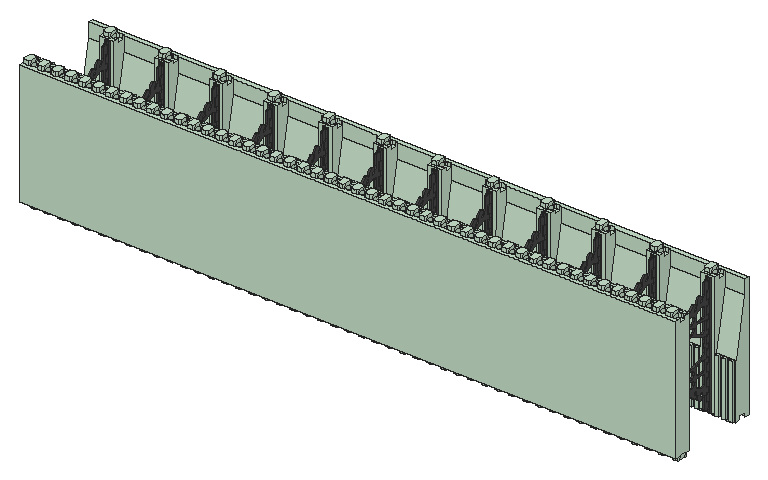
Revit family (continued)
Definition of nested family "NUDURA Logo Diamond"
  Lines and regions (mm)
    model lines
      curve 13: line (289.468, 0, 393.854) -> (295.497, 0, 387.825)
      curve 14: line (295.497, 0, 412.455) -> (289.468, 0, 406.426)
      curve 15: line (289.468, 0, 431.954) -> (295.497, 0, 425.925)
      curve 16: line (298.449, 0, 453.507) -> (289.468, 0, 444.526)
      curve 17: line (300.245, 0, 451.711) -> (291.265, 0, 442.73)
      curve 18: line (318.205, 0, 442.73) -> (309.225, 0, 451.711)
      curve 19: line (309.225, 0, 424.77) -> (318.205, 0, 433.75)
      curve 20: line (291.265, 0, 433.75) -> (300.245, 0, 424.77)
      curve 21: arc (289.468, 0, 444.526) -> (286.865, 0, 438.24) -> (289.468, 0, 431.954) r 8.89
      curve 22: arc (298.449, 0, 453.507) -> (304.735, 0, 456.111) -> (311.021, 0, 453.507) r 8.89
      curve 23: arc (291.265, 0, 442.73) -> (289.405, 0, 438.24) -> (291.265, 0, 433.75) r 6.35
      curve 24: arc (318.205, 0, 442.73) -> (320.065, 0, 438.24) -> (318.205, 0, 433.75) r 6.35
      curve 25: arc (309.225, 0, 424.77) -> (304.735, 0, 422.91) -> (300.245, 0, 424.77) r 6.35
      curve 26: arc (300.245, 0, 451.711) -> (304.735, 0, 453.571) -> (309.225, 0, 451.711) r 6.35
      curve 27: arc (320.001, 0, 444.526) -> (322.605, 0, 438.24) -> (320.001, 0, 431.954) r 8.89
      curve 28: arc (295.497, 0, 425.925) -> (298.287, 0, 419.19) -> (295.497, 0, 412.455) r 9.525
      curve 29: arc (313.973, 0, 425.925) -> (311.183, 0, 419.19) -> (313.973, 0, 412.455) r 9.525
      curve 30: line (313.973, 0, 387.825) -> (320.001, 0, 393.854)
      curve 31: line (289.468, 0, 393.854) -> (295.497, 0, 387.825)
      curve 32: line (300.245, 0, 413.611) -> (291.265, 0, 404.63)
      curve 33: line (318.205, 0, 404.63) -> (309.225, 0, 413.611)
      curve 34: line (309.225, 0, 386.67) -> (318.205, 0, 395.65)
      curve 35: line (291.265, 0, 395.65) -> (300.245, 0, 386.67)
      curve 36: arc (289.468, 0, 406.426) -> (286.865, 0, 400.14) -> (289.468, 0, 393.854) r 8.89
      curve 37: arc (291.265, 0, 404.63) -> (289.405, 0, 400.14) -> (291.265, 0, 395.65) r 6.35
      curve 38: arc (318.205, 0, 404.63) -> (320.065, 0, 400.14) -> (318.205, 0, 395.65) r 6.35
      curve 39: arc (309.225, 0, 386.67) -> (304.735, 0, 384.81) -> (300.245, 0, 386.67) r 6.35
      curve 40: arc (300.245, 0, 413.611) -> (304.735, 0, 415.471) -> (309.225, 0, 413.611) r 6.35
      curve 41: arc (320.001, 0, 406.426) -> (322.605, 0, 400.14) -> (320.001, 0, 393.854) r 8.89
      curve 42: line (295.497, 0, 412.455) -> (289.468, 0, 406.426)
      curve 43: line (320.001, 0, 406.426) -> (313.973, 0, 412.455)
      curve 44: arc (295.497, 0, 387.825) -> (298.287, 0, 381.09) -> (295.497, 0, 374.355) r 9.525
      curve 45: arc (313.973, 0, 387.825) -> (311.183, 0, 381.09) -> (313.973, 0, 374.355) r 9.525
      curve 46: line (313.973, 0, 349.725) -> (320.001, 0, 355.754)
      curve 47: line (289.468, 0, 355.754) -> (295.497, 0, 349.725)
      curve 48: line (300.245, 0, 375.511) -> (291.265, 0, 366.53)
      curve 49: line (318.205, 0, 366.53) -> (309.225, 0, 375.511)
      curve 50: line (309.225, 0, 348.57) -> (318.205, 0, 357.55)
      curve 51: line (291.265, 0, 357.55) -> (300.245, 0, 348.57)
      curve 52: arc (289.468, 0, 368.326) -> (286.865, 0, 362.04) -> (289.468, 0, 355.754) r 8.89
      curve 53: arc (291.265, 0, 366.53) -> (289.405, 0, 362.04) -> (291.265, 0, 357.55) r 6.35
      curve 54: arc (318.205, 0, 366.53) -> (320.065, 0, 362.04) -> (318.205, 0, 357.55) r 6.35
      curve 55: arc (309.225, 0, 348.57) -> (304.735, 0, 346.71) -> (300.245, 0, 348.57) r 6.35
      curve 56: arc (300.245, 0, 375.511) -> (304.735, 0, 377.371) -> (309.225, 0, 375.511) r 6.35
      curve 57: arc (320.001, 0, 368.326) -> (322.605, 0, 362.04) -> (320.001, 0, 355.754) r 8.89
      curve 58: line (295.497, 0, 374.355) -> (289.468, 0, 368.326)
      curve 59: arc (295.497, 0, 349.725) -> (298.287, 0, 342.99) -> (295.497, 0, 336.255) r 9.525
      curve 60: arc (313.973, 0, 349.725) -> (311.183, 0, 342.99) -> (313.973, 0, 336.255) r 9.525
      curve 61: line (324.683, 0, 325.545) -> (313.973, 0, 336.255)
      curve 62: line (284.787, 0, 325.545) -> (286.583, 0, 323.749)
      curve 63: arc (300.245, 0, 337.411) -> (304.735, 0, 339.271) -> (309.225, 0, 337.411) r 6.35
      curve 64: line (320.001, 0, 12.854) -> (311.021, 0, 3.874)
      curve 65: line (313.973, 0, 31.455) -> (320.001, 0, 25.426)
      curve 66: line (320.001, 0, 50.954) -> (313.973, 0, 44.925)
      curve 67: line (313.973, 0, 69.555) -> (320.001, 0, 63.526)
      curve 68: line (320.001, 0, 89.054) -> (313.973, 0, 83.025)
      curve 69: line (313.973, 0, 107.655) -> (320.001, 0, 101.626)
      curve 70: line (309.225, 0, 119.97) -> (322.887, 0, 133.632)
      curve 71: line (322.887, 0, 133.632) -> (324.683, 0, 131.836)
      curve 72: line (286.583, 0, 133.632) -> (300.245, 0, 119.97)
      curve 73: line (295.497, 0, 121.125) -> (284.787, 0, 131.836)
      curve 74: line (289.468, 0, 101.626) -> (295.497, 0, 107.655)
      curve 75: line (295.497, 0, 83.025) -> (289.468, 0, 89.054)
      curve 76: line (289.468, 0, 63.526) -> (295.497, 0, 69.555)
      curve 77: line (295.497, 0, 44.925) -> (289.468, 0, 50.954)
      curve 78: line (289.468, 0, 25.426) -> (295.497, 0, 31.455)
      curve 79: line (298.449, 0, 3.874) -> (289.468, 0, 12.854)
      curve 80: line (300.245, 0, 5.67) -> (291.265, 0, 14.65)
      curve 81: line (318.205, 0, 14.65) -> (309.225, 0, 5.67)
      curve 82: line (309.225, 0, 32.611) -> (318.205, 0, 23.63)
      curve 83: line (291.265, 0, 23.63) -> (300.245, 0, 32.611)
      curve 84: arc (289.468, 0, 12.854) -> (286.865, 0, 19.14) -> (289.468, 0, 25.426) r 8.89
      curve 85: arc (298.449, 0, 3.874) -> (304.735, 0, 1.27) -> (311.021, 0, 3.874) r 8.89
      curve 86: arc (291.265, 0, 14.65) -> (289.405, 0, 19.14) -> (291.265, 0, 23.63) r 6.35
      curve 87: arc (318.205, 0, 14.65) -> (320.065, 0, 19.14) -> (318.205, 0, 23.63) r 6.35
      curve 88: arc (309.225, 0, 32.611) -> (304.735, 0, 34.471) -> (300.245, 0, 32.611) r 6.35
      curve 89: arc (300.245, 0, 5.67) -> (304.735, 0, 3.81) -> (309.225, 0, 5.67) r 6.35
      curve 90: arc (320.001, 0, 12.854) -> (322.605, 0, 19.14) -> (320.001, 0, 25.426) r 8.89
      curve 91: arc (295.497, 0, 31.455) -> (298.287, 0, 38.19) -> (295.497, 0, 44.925) r 9.525
      curve 92: arc (313.973, 0, 31.455) -> (311.183, 0, 38.19) -> (313.973, 0, 44.925) r 9.525
      curve 93: line (313.973, 0, 69.555) -> (320.001, 0, 63.526)
      curve 94: line (289.468, 0, 63.526) -> (295.497, 0, 69.555)
      curve 95: line (300.245, 0, 43.77) -> (291.265, 0, 52.75)
      curve 96: line (318.205, 0, 52.75) -> (309.225, 0, 43.77)
      curve 97: line (309.225, 0, 70.711) -> (318.205, 0, 61.73)
      curve 98: line (291.265, 0, 61.73) -> (300.245, 0, 70.711)
      curve 99: arc (289.468, 0, 50.954) -> (286.865, 0, 57.24) -> (289.468, 0, 63.526) r 8.89
      curve 100: arc (291.265, 0, 52.75) -> (289.405, 0, 57.24) -> (291.265, 0, 61.73) r 6.35
      curve 101: arc (318.205, 0, 52.75) -> (320.065, 0, 57.24) -> (318.205, 0, 61.73) r 6.35
      curve 102: arc (309.225, 0, 70.711) -> (304.735, 0, 72.571) -> (300.245, 0, 70.711) r 6.35
      curve 103: arc (300.245, 0, 43.77) -> (304.735, 0, 41.91) -> (309.225, 0, 43.77) r 6.35
      curve 104: arc (320.001, 0, 50.954) -> (322.605, 0, 57.24) -> (320.001, 0, 63.526) r 8.89
      curve 105: line (295.497, 0, 44.925) -> (289.468, 0, 50.954)
      curve 106: line (320.001, 0, 50.954) -> (313.973, 0, 44.925)
      curve 107: arc (295.497, 0, 69.555) -> (298.287, 0, 76.29) -> (295.497, 0, 83.025) r 9.525
      curve 108: arc (313.973, 0, 69.555) -> (311.183, 0, 76.29) -> (313.973, 0, 83.025) r 9.525
      curve 109: line (313.973, 0, 107.655) -> (320.001, 0, 101.626)
      curve 110: line (289.468, 0, 101.626) -> (295.497, 0, 107.655)
      curve 111: line (300.245, 0, 81.87) -> (291.265, 0, 90.85)
      curve 112: line (318.205, 0, 90.85) -> (309.225, 0, 81.87)
      curve 113: line (309.225, 0, 108.811) -> (318.205, 0, 99.83)
      curve 114: line (291.265, 0, 99.83) -> (300.245, 0, 108.811)
      curve 115: arc (289.468, 0, 89.054) -> (286.865, 0, 95.34) -> (289.468, 0, 101.626) r 8.89
      curve 116: arc (291.265, 0, 90.85) -> (289.405, 0, 95.34) -> (291.265, 0, 99.83) r 6.35
      curve 117: arc (318.205, 0, 90.85) -> (320.065, 0, 95.34) -> (318.205, 0, 99.83) r 6.35
      curve 118: arc (309.225, 0, 108.811) -> (304.735, 0, 110.671) -> (300.245, 0, 108.811) r 6.35
      curve 119: arc (300.245, 0, 81.87) -> (304.735, 0, 80.01) -> (309.225, 0, 81.87) r 6.35
      curve 120: arc (320.001, 0, 89.054) -> (322.605, 0, 95.34) -> (320.001, 0, 101.626) r 8.89
      curve 121: line (295.497, 0, 83.025) -> (289.468, 0, 89.054)
      curve 122: arc (295.497, 0, 107.655) -> (298.287, 0, 114.39) -> (295.497, 0, 121.125) r 9.525
      curve 123: arc (313.973, 0, 107.655) -> (311.183, 0, 114.39) -> (313.973, 0, 121.125) r 9.525
      curve 124: line (324.683, 0, 131.836) -> (313.973, 0, 121.125)
      curve 125: line (284.787, 0, 131.836) -> (286.583, 0, 133.632)
      curve 126: arc (300.245, 0, 119.97) -> (304.735, 0, 118.11) -> (309.225, 0, 119.97) r 6.35
      curve 127: line (314.26, 0, 317.59) -> (295.21, 0, 317.59)
      curve 128: line (323.785, 0, 149.315) -> (323.785, 0, 308.065)
      curve 129: line (285.685, 0, 308.065) -> (285.685, 0, 149.315)
      curve 130: line (295.21, 0, 139.79) -> (314.26, 0, 139.79)
      curve 131: line (316.797, 0, 304.89) -> (305.798, 0, 311.24)
      curve 132: line (316.797, 0, 292.19) -> (316.797, 0, 304.89)
      curve 133: line (311.298, 0, 289.015) -> (316.797, 0, 292.19)
      curve 134: line (305.373, 0, 292.436) -> (311.298, 0, 289.015)
      curve 135: line (310.447, 0, 295.365) -> (305.373, 0, 292.436)
      curve 136: line (299.874, 0, 307.82) -> (310.447, 0, 301.715)
      curve 137: line (310.447, 0, 301.715) -> (310.447, 0, 295.365)
      curve 138: line (305.798, 0, 311.24) -> (299.874, 0, 307.82)
      curve 139: line (299.023, 0, 295.611) -> (304.097, 0, 298.54)
      curve 140: line (304.097, 0, 298.54) -> (298.172, 0, 301.961)
      curve 141: line (298.172, 0, 301.961) -> (292.673, 0, 298.786)
      curve 142: line (292.673, 0, 298.786) -> (292.673, 0, 286.086)
      curve 143: line (299.023, 0, 289.261) -> (299.023, 0, 295.611)
      curve 144: line (309.596, 0, 283.156) -> (299.023, 0, 289.261)
      curve 145: line (303.671, 0, 279.736) -> (309.596, 0, 283.156)
      curve 146: line (292.673, 0, 286.086) -> (303.671, 0, 279.736)
      curve 147: line (312.702, 0, 269.344) -> (296.768, 0, 272.912)
      curve 148: line (296.768, 0, 272.912) -> (296.768, 0, 267.036)
      curve 149: line (296.768, 0, 267.036) -> (308.089, 0, 264.517)
      curve 150: line (308.089, 0, 264.517) -> (296.768, 0, 260.949)
      curve 151: line (296.768, 0, 260.949) -> (296.768, 0, 251.084)
      curve 152: line (296.768, 0, 251.084) -> (309.138, 0, 248.314)
      curve 153: line (309.138, 0, 248.314) -> (309.138, 0, 247.516)
      curve 154: line (309.138, 0, 247.516) -> (301.281, 0, 248.991)
      curve 155: line (296.768, 0, 245.246) -> (296.768, 0, 237.71)
      curve 156: line (306.598, 0, 222.094) -> (306.598, 0, 228.599)
      curve 157: line (306.598, 0, 228.599) -> (296.768, 0, 230.786)
      curve 158: line (296.768, 0, 230.786) -> (296.768, 0, 215.343)
      curve 159: line (302.723, 0, 230.274) -> (312.702, 0, 228.039)
      curve 160: line (300.341, 0, 217.291) -> (300.341, 0, 223.486)
      curve 161: line (300.341, 0, 223.486) -> (306.598, 0, 222.094)
      curve 162: line (296.768, 0, 205.027) -> (296.768, 0, 197.49)
      curve 163: line (302.723, 0, 190.055) -> (310.162, 0, 188.389)
      curve 164: line (310.162, 0, 188.389) -> (310.162, 0, 176.633)
      curve 165: line (308.892, 0, 175.363) -> (307.868, 0, 175.363)
      curve 166: line (306.598, 0, 176.633) -> (306.598, 0, 180.004)
      curve 167: line (306.598, 0, 180.004) -> (307.868, 0, 179.719)
      curve 168: line (307.868, 0, 179.719) -> (307.868, 0, 186.3)
      curve 169: line (307.868, 0, 186.3) -> (296.768, 0, 188.785)
      curve 170: line (296.768, 0, 188.785) -> (296.768, 0, 182.205)
      curve 171: line (296.768, 0, 182.205) -> (304.058, 0, 180.572)
      curve 172: line (304.058, 0, 180.572) -> (304.058, 0, 177.654)
      curve 173: line (302.788, 0, 176.384) -> (296.768, 0, 176.384)
      curve 174: line (296.768, 0, 176.384) -> (296.768, 0, 164.003)
      curve 175: line (296.768, 0, 164.003) -> (299.284, 0, 162.219)
      curve 176: line (299.284, 0, 162.219) -> (299.284, 0, 153.715)
      curve 177: line (307.942, 0, 156.079) -> (301.824, 0, 160.418)
      curve 178: line (301.824, 0, 160.418) -> (301.824, 0, 154.409)
      curve 179: line (301.824, 0, 154.409) -> (307.942, 0, 156.079)
      curve 180: line (299.284, 0, 153.715) -> (296.768, 0, 153.028)
      curve 181: line (296.768, 0, 153.028) -> (296.768, 0, 146.14)
      curve 182: line (296.768, 0, 146.14) -> (312.702, 0, 150.491)
      curve 183: line (312.702, 0, 150.491) -> (312.702, 0, 159.713)
      curve 184: line (312.702, 0, 159.713) -> (298.767, 0, 169.594)
      curve 185: line (298.767, 0, 169.594) -> (302.342, 0, 169.594)
      curve 186: line (312.702, 0, 172.383) -> (312.702, 0, 193.945)
      curve 187: line (312.702, 0, 193.945) -> (302.326, 0, 196.268)
      curve 188: line (300.341, 0, 198.747) -> (300.341, 0, 201.381)
      curve 189: line (301.888, 0, 202.62) -> (312.702, 0, 200.199)
      curve 190: line (312.702, 0, 200.199) -> (312.702, 0, 206.628)
      curve 191: line (312.702, 0, 206.628) -> (306.843, 0, 207.728)
      curve 192: line (312.702, 0, 212.942) -> (312.702, 0, 227.241)
      curve 193: line (312.702, 0, 227.241) -> (309.138, 0, 228.034)
      curve 194: line (309.138, 0, 228.034) -> (309.138, 0, 217.291)
      curve 195: line (312.702, 0, 228.039) -> (312.702, 0, 234.164)
      curve 196: line (312.702, 0, 234.164) -> (302.326, 0, 236.488)
      curve 197: line (300.341, 0, 238.966) -> (300.341, 0, 241.6)
      curve 198: line (301.736, 0, 242.874) -> (312.702, 0, 240.418)
      curve 199: line (312.702, 0, 240.418) -> (312.702, 0, 253.611)
      curve 200: line (312.702, 0, 253.611) -> (302.429, 0, 255.912)
      curve 201: line (302.429, 0, 255.912) -> (312.702, 0, 259.27)
      curve 202: line (312.702, 0, 259.27) -> (312.702, 0, 269.344)
      curve 203: arc (296.768, 0, 245.246) -> (298.145, 0, 248.178) -> (301.281, 0, 248.991) r 3.81
      curve 204: arc (296.768, 0, 237.71) -> (298.44, 0, 232.946) -> (302.723, 0, 230.274) r 7.62
      curve 205: arc (300.842, 0, 208.826) -> (297.87, 0, 211.5) -> (296.768, 0, 215.343) r 7.251
      curve 206: arc (296.768, 0, 205.027) -> (297.979, 0, 207.812) -> (300.842, 0, 208.826) r 3.808
      curve 207: arc (296.768, 0, 197.49) -> (298.44, 0, 192.727) -> (302.723, 0, 190.055) r 7.62
      curve 208: arc (300.341, 0, 198.747) -> (300.898, 0, 197.159) -> (302.326, 0, 196.268) r 2.54
      curve 209: arc (300.341, 0, 201.381) -> (300.817, 0, 202.372) -> (301.888, 0, 202.62) r 1.27
      curve 210: arc (307.868, 0, 175.363) -> (306.969, 0, 175.735) -> (306.598, 0, 176.633) r 1.27
      curve 211: arc (308.892, 0, 175.363) -> (309.79, 0, 175.735) -> (310.162, 0, 176.633) r 1.27
      curve 212: arc (304.058, 0, 177.654) -> (303.686, 0, 176.756) -> (302.788, 0, 176.384) r 1.27
      curve 213: arc (302.342, 0, 169.594) -> (303.976, 0, 170.198) -> (304.826, 0, 171.718) r 2.516
      curve 214: arc (304.826, 0, 171.718) -> (309.07, 0, 168.432) -> (312.702, 0, 172.383) r 3.966
      curve 215: arc (306.843, 0, 207.728) -> (310.942, 0, 209.02) -> (312.702, 0, 212.942) r 5.249
      curve 216: arc (300.341, 0, 217.291) -> (304.739, 0, 212.893) -> (309.138, 0, 217.291) r 4.398
      curve 217: arc (300.341, 0, 238.966) -> (300.898, 0, 237.378) -> (302.326, 0, 236.488) r 2.54
      curve 218: arc (300.341, 0, 241.6) -> (300.886, 0, 242.648) -> (302.057, 0, 242.802) r 1.279
      curve 219: arc (285.685, 0, 308.065) -> (288.475, 0, 314.8) -> (295.21, 0, 317.59) r 9.525
      curve 220: arc (314.26, 0, 317.59) -> (320.995, 0, 314.8) -> (323.785, 0, 308.065) r 9.525
      curve 221: arc (285.685, 0, 149.315) -> (288.475, 0, 142.58) -> (295.21, 0, 139.79) r 9.525
      curve 222: arc (314.26, 0, 139.79) -> (320.995, 0, 142.58) -> (323.785, 0, 149.315) r 9.525
      curve 223: line (253.935, 0, 457.2) -> (253.935, 0, 0)
      curve 224: line (355.535, 0, 457.2) -> (355.535, 0, 0)
      curve 225: line (406.335, 0, 457.2) -> (406.335, 0, 0)
